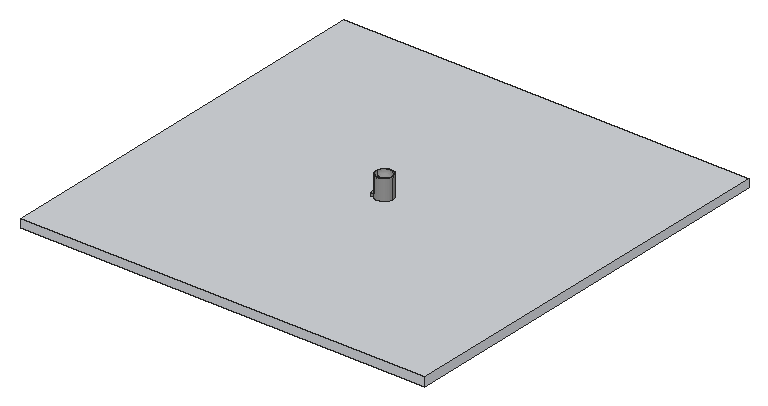
Revit family "LAMP_KOMBIC 100 SURFACE TRACK 2000 CRI80 OPTIC", category Luminarias, Revit 2018
Family settings
  Anfitrión = Cara
  Cota de conector redondo = Diámetro de uso
  Tipo de pieza = Normal
  Corte con vacíos al cargar = No
  Origen de luz = Sí
  Compartido = No
  Punto de cálculo de habitación = No
Parameters (values of type "1205LM 3000K  B/B")
  Ángulo de inclinación = -90.00°
  Weight = 0.498 kg
  UGR = "17"
  Type = "COB PHILIPS"
  Protection rating = "IP40"
  Product datasheet = "http://www.lamp.es/product-files/TECH/K11TK2040WF830NBB-EN.pdf"
  Product code = "K11TK2040WF830NBB"
  Product URL = "https://www.lamp.es/en/family/kombic-surface_474354"
  Power Supply = "220-240V 50/60Hz"
  Power = 12 W
  Plum = 14.5 W
  Modelo = Product code  # "K11TK2040WF830NBB"
  Model explanation = "Possibility of chossing between surface or suspended within the model"
  Material reflector = LAMP_PC Reflector Kombic Metalizado Negro
  Material floron = LAMP_Plástico genérico NG
  Material difusor = LAMP_PMMA Difusor Kombic
  Material cuerpo = LAMP_Plástico genérico NG
  Material cable suspension = LAMP_Acero genérico
  Manufacturer name = "LAMP"
  Manufacturer country = "Spain"
  Manufacturer URL = "http://www.lamp.es/en"
  MacAdam = "3"
  Luminaire type = "Track Suspended"
  Last update = "03/08/2021"
  Lamp = "COB LED"
  LED Lifetime = "50.000 L80 B10"
  Insulation class = "I"
  Installation instructions = "https://www.lamp.es/product-files/packed/by-family/474354_INS_all.zip"
  IEE = "A+"
  Wattage = 14.5 W
  built-in parameter 1150107 = 3000 (stored number, unit not read)
  built-in parameter 1150110 = 1 (stored number, unit not read)
  built-in parameter 1150109 = 1 (stored number, unit not read)
  built-in parameter 1150112 = 1 (stored number, unit not read)
  built-in parameter 1150113 = 1 (stored number, unit not read)
  built-in parameter 1114218 = 1 (stored number, unit not read)
  built-in parameter 1150137 = (empty or 0)
  built-in parameter 1150132 = 2
  built-in parameter 1150105 = 1078.2 (stored number, unit not read)
  built-in parameter 1150102 = (empty or 0)
  built-in parameter 1150106 = 10.782 (stored number, unit not read)
  Height = 120 mm
  Gear = "Electronic"
  Lumens = 1204.95 lm
  Finish = "Matte black RAL 9011"
  Color Filter = 16777215
  built-in parameter 1114217 = 1 (stored number, unit not read)
  built-in parameter 1150139 = (empty or 0)
  Fabricante = Manufacturer name  # "LAMP"
  Default Elevation = 1219.2 mm
  built-in parameter 1150104 = 7.7202 (stored number, unit not read)
  Efficacy = 83.1 lm/W
  Diameter = 100 mm
  built-in parameter 1150115 = 1 (stored number, unit not read)
  built-in parameter 1150114 = 1 (stored number, unit not read)
  built-in parameter 1150138 = (empty or 0)
  built-in parameter 1150134 = (empty or 0)
  Dimming Lamp Color Temperature Shift = (empty or 0)
  CRI = "80"
  Archivo de red fotométrica = "K11rd2040WF830NBw.IES"
  built-in parameter 1150133 = 10 (stored number, unit not read)
Types (12, lengths in mm): name | UGR | Product datasheet | Product code | Modelo | Material reflector | Material cuerpo | built-in parameter 1150107 | built-in parameter 1150132 | built-in parameter 1150105 | built-in parameter 1150106 | Lumens | Finish | built-in parameter 1150104 | Efficacy | built-in parameter 1150134 | Archivo de red fotométrica
  1205LM 3000K  B/B | "17" | "http://www.lamp.es/product-files/TECH/K11TK2040WF830NBB-EN.pdf" | "K11TK2040WF830NBB" | "K11TK2040WF830NBB" | LAMP_PC Reflector Kombic Metalizado Negro | LAMP_Plástico genérico NG | 3000 (stored number, unit not read) | 2 | 1078.2 (stored number, unit not read) | 10.782 (stored number, unit not read) | 1204.95 lm | "Matte black RAL 9011" | 7.7202 (stored number, unit not read) | 83.1 lm/W | (empty or 0) | "K11rd2040WF830NBw.IES"
  1205LM 3000K  B/W | "17" | "http://www.lamp.es/product-files/TECH/K11TK2040WF830NBW-EN.pdf" | "K11TK2040WF830NBW" | "K11TK2040WF830NBW" | LAMP_PC Reflector Kombic Metalizado Negro | LAMP_Plástico genérico BL | 3000 (stored number, unit not read) | 2 | 1078.2 (stored number, unit not read) | 10.782 (stored number, unit not read) | 1204.95 lm | "Matte Traffic white RAL 9016" | 7.7202 (stored number, unit not read) | 83.1 lm/W | (empty or 0) | "K11rd2040WF830NBW.IES"
  1268LM 3000K  M/B | "17" | "http://www.lamp.es/product-files/TECH/K11TK2040WF830NMB-EN.pdf" | "K11TK2040WF830NMB" | "K11TK2040WF830NMB" | LAMP_PC Reflector Kombic Metalizado Mate | LAMP_Plástico genérico NG | 3000 (stored number, unit not read) | 2 | 1134 (stored number, unit not read) | 11.34 (stored number, unit not read) | 1267.3 lm | "Matte black RAL 9011" | 8.1197 (stored number, unit not read) | 87.4 lm/W | (empty or 0) | "K11rd2040WF830NMw.IES"
  1268LM 3000K  M/W | "17" | "http://www.lamp.es/product-files/TECH/K11TK2040WF830NMW-EN.pdf" | "K11TK2040WF830NMW" | "K11TK2040WF830NMW" | LAMP_PC Reflector Kombic Metalizado Mate | LAMP_Plástico genérico BL | 3000 (stored number, unit not read) | 2 | 1134 (stored number, unit not read) | 11.34 (stored number, unit not read) | 1267.3 lm | "Matte Traffic white RAL 9016" | 8.1197 (stored number, unit not read) | 87.4 lm/W | (empty or 0) | "K11rd2040WF830NMW.IES"
  1275LM 3000K  W/B | "19" | "http://www.lamp.es/product-files/TECH/K11TK2040WF830NWB-EN.pdf" | "K11TK2040WF830NWB" | "K11TK2040WF830NWB" | LAMP_PC Reflector Kombic Blanco | LAMP_Plástico genérico NG | 3000 (stored number, unit not read) | (empty or 0) | 1140.5 (stored number, unit not read) | 11.405 (stored number, unit not read) | 1274.55 lm | "Matte black RAL 9011" | 8.1662 (stored number, unit not read) | 87.9 lm/W | (empty or 0) | "K11rd2040WF830NWw.IES"
  1275LM 3000K  W/W | "19" | "http://www.lamp.es/product-files/TECH/K11TK2040WF830NWW-EN.pdf" | "K11TK2040WF830NWW" | "K11TK2040WF830NWW" | LAMP_PC Reflector Kombic Blanco | LAMP_Plástico genérico BL | 3000 (stored number, unit not read) | 2 | 1140.5 (stored number, unit not read) | 11.405 (stored number, unit not read) | 1274.55 lm | "Matte Traffic white RAL 9016" | 8.1662 (stored number, unit not read) | 87.9 lm/W | (empty or 0) | "K11rd2040WF830NWW.IES"
  1277LM 4000K  B/B | "17" | "http://www.lamp.es/product-files/TECH/K11TK2040WF840NBB-EN.pdf" | "K11TK2040WF840NBB" | "K11TK2040WF840NBB" | LAMP_PC Reflector Kombic Metalizado Negro | LAMP_Plástico genérico NG | 4000 (stored number, unit not read) | 2 | 1143.1 (stored number, unit not read) | 11.431 (stored number, unit not read) | 1277.45 lm | "Matte black RAL 9011" | 8.1848 (stored number, unit not read) | 88.1 lm/W | 12 | "K11rd2040WF840NBw.IES"
  1277LM 4000K  B/W | "17" | "http://www.lamp.es/product-files/TECH/K11TK2040WF840NBW-EN.pdf" | "K11TK2040WF840NBW" | "K11TK2040WF840NBW" | LAMP_PC Reflector Kombic Metalizado Negro | LAMP_Plástico genérico BL | 4000 (stored number, unit not read) | 2 | 1143.1 (stored number, unit not read) | 11.431 (stored number, unit not read) | 1277.45 lm | "Matte Traffic white RAL 9016" | 8.1848 (stored number, unit not read) | 88.1 lm/W | 12 | "K11rd2040WF840NBW.IES"
  1343LM 4000K  W/B | "19" | "http://www.lamp.es/product-files/TECH/K11TK2040WF840NWB-EN.pdf" | "K11TK2040WF840NWB" | "K11TK2040WF840NWB" | LAMP_PC Reflector Kombic Metalizado Mate | LAMP_Plástico genérico NG | 4000 (stored number, unit not read) | 2 | 1700.8 (stored number, unit not read) | 17.008 (stored number, unit not read) | 1342.7 lm | "Matte black RAL 9011" | 8.6028 (stored number, unit not read) | 92.6 lm/W | 12 | "K11rd2040WF840NWw.IES"
  1343LM 4000K  W/W | "19" | "http://www.lamp.es/product-files/TECH/K11TK2040WF840NWW-EN.pdf" | "K11TK2040WF840NWW" | "K11TK2040WF840NWW" | LAMP_PC Reflector Kombic Metalizado Mate | LAMP_Plástico genérico BL | 4000 (stored number, unit not read) | 2 | 1201.5 (stored number, unit not read) | 12.015 (stored number, unit not read) | 1342.7 lm | "Matte Traffic white RAL 9016" | 8.6028 (stored number, unit not read) | 92.6 lm/W | 12 | "K11rd2040WF840NWw.IES"
  1351LM 4000K  M/B | "17" | "http://www.lamp.es/product-files/TECH/K11TK2040WF840NMB-EN.pdf" | "K11TK2040WF840NMB" | "K11TK2040WF840NMB" | LAMP_PC Reflector Kombic Blanco | LAMP_Plástico genérico NG | 4000 (stored number, unit not read) | 2 | 1209.3 (stored number, unit not read) | 12.093 (stored number, unit not read) | 1351.4 lm | "Matte black RAL 9011" | 8.6586 (stored number, unit not read) | 93.2 lm/W | 12 | "K11rd2040WF840NMw.IES"
  1351LM 4000K  M/W | "17" | "http://www.lamp.es/product-files/TECH/K11TK2040WF840NMW-EN.pdf" | "K11TK2040WF840NMW" | "K11TK2040WF840NMW" | LAMP_PC Reflector Kombic Blanco | LAMP_Plástico genérico BL | 4000 (stored number, unit not read) | 2 | 1209.3 (stored number, unit not read) | 12.093 (stored number, unit not read) | 1351.4 lm | "Matte Traffic white RAL 9016" | 8.6586 (stored number, unit not read) | 93.2 lm/W | 12 | "K11rd2040WF840NMW.IES"
Reference planes
  plane 1 "Centro (Frontal/Posterior)": y = 0
  plane 2: z = 0
  plane 3 "Centro (Izquierda/Derecha)": x = 0
Forms (mm)
  Extrusion 1, solid
    sketch origin (0, 0, 0) x (1, 0, 0) y (0, 1, 0)
      loop
        line (-1219.2, 1219.2) -> (-1219.2, -1219.2) -> (1219.2, -1219.2) -> (1219.2, 1219.2) -> (-1219.2, 1219.2)
    from 0 to -50
  Extrusion 2, solid, material "LAMP_Plástico genérico NG" <- "Material cuerpo"
    sketch origin (0, 0, 0) x (1, 0, 0) y (0, 1, 0)
      loop
        circle (0, 0) r 50
    from 14 to 134
  Extrusion 3, void
    sketch origin (0, 0, 0) x (1, 0, 0) y (0, 1, 0)
      loop
        circle (0, 0) r 48
    from 25.333 to 134
  Sweep 4, solid, material "LAMP_PC Reflector Kombic Metalizado Negro" <- "Material reflector"
    path origin (105.103, -251.845, 134) x (1, 0, 0) y (0, 1, 0)
      loop
        circle (-105.103, 251.959) r 48
    profile origin (0, 48.114, 134) x (0, -1, 0) y (0, 0, 1)
      loop
        arc (0, 0) -> (6.616, -20.646) -> (24, -33.6) r 35.52
        line (24, -33.6) -> (24, -32.6)
        arc (24, -32.6) -> (7.196, -20.217) -> (2, 0) r 31.112
        line (2, 0) -> (0, 0)
  Extrusion 5, solid, material "LAMP_PMMA Difusor Kombic" <- "Material difusor"
    sketch origin (0, 0, 0) x (1, 0, 0) y (0, 1, 0)
      loop
        circle (0, 0) r 24
    from 100.4 to 101.4
  Extrusion 6, solid, material "LAMP_Plástico genérico NG" <- "Material cuerpo"
    sketch origin (0, 0, 0) x (1, 0, 0) y (0, 1, 0)
      loop
        arc (-66.129, 16) -> (-70, 0) -> (-66.129, -16) r 35
        line (-66.129, -16) -> (-3.871, -16)
        arc (-3.871, -16) -> (0, 0) -> (-3.871, 16) r 35
        line (-3.871, 16) -> (-66.129, 16)
    from -26 to 14
  Extrusion 7, void
    sketch origin (0, 0, 0) x (0, 1, 0) y (0, 0, 1)
      loop
        line (17, 0) -> (7, 0) -> (7, -25) -> (-7, -25) -> (-7, 0) -> (-17, 0) -> (-17, -26) -> (17, -26) -> (17, 0)
    from -82.029 to 0
Cuts and joins
  Extrusion 3 cuts Extrusion 2
  Extrusion 7 cuts Extrusion 6
Text (mm)
  text "Any modification of the parameters and properties of the LAMP BIM models must be executed and validated by the LAMP technical department.\nPhone: +34 93 736 68 00\nE-mail: lamp@lamp.es\n\nLAMP reserves the right to modify the technical specifications of its products." at (1856.491, -4316.333, -2622.127), in view "Preview"
Dimensions and locks
  locked: Extrusion 2 to Extrusion 2 at 120
  locked: cut or joined group of Extrusion 2, Extrusion 3 to cut or joined group of Extrusion 2, Extrusion 3 at 108.667
  aligned and locked: plane 2 to Extrusion 1
  aligned and locked: level to Extrusion 1
  aligned and locked: Extrusion 2 to Extrusion 3
  aligned and locked: Sweep 4 to Extrusion 5
  aligned and locked: Extrusion 5 to Sweep 4
  aligned and locked: imposter light to cut or joined group of Extrusion 2, Extrusion 3
Connectors
  electrical at (0, 0, 14)
    settings: on cut or joined group of Extrusion 2, Extrusion 3, index 1, voltage 230 V, apparent load 0 VA, apparent load phase1 0 VA, apparent load phase2 0 VA, apparent load phase3 0 VA, power factor 1, load classification "Otro", number of poles 1, system type 31, power factor state 1, is connector primary yes, connector utility no, sub classification motor no, connector description ""
